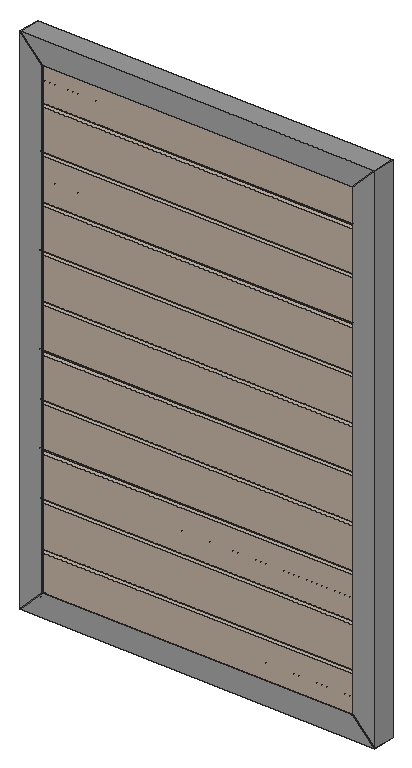
Revit family "Screening-Louver-Assembly-Panel-Palmshield-Augustus-Aluminum", category Specialty Equipment, Revit 2020
Family settings
  Round Connector Dimension = Use Diameter
  Part Type = Normal
  OmniClass Number = 23.55.00.00
  OmniClass Title = Manufactured Structures
  Work Plane-Based = No
  Always vertical = No
  Cut with Voids When Loaded = No
  Shared = No
  Room Calculation Point = No
Parameters (values of type "Assembly")
  Width [instance] = if(Desired Overall Width < C Min Width, C Min Width, if(Desired Overall Width > C Max Width, C Max Width, Desired Overall Width))  # 4' - 0"
  Warranty URL = "https://palmshieldlouvers.com/wp-content/uploads/2020/01/PalmSHIELD-Warranty-NO-SIGN-LINE.pdf"
  Version = "2020 - v1.0a"  # constant formula
  URL = "https://palmshieldlouvers.com/"
  Product Page URL = "https://palmshieldlouvers.com/products/augustus-solid/"
  Product Documentation Link = "https://palmshieldlouvers.com/wp-content/uploads/2020/05/PalmSHIELD-Solid-Composite-Technical-Data-Sheet.pdf"
  Offset From Surface = 0' - 2"  # constant formula
  Model = "Augustus - Aluminum"  # constant formula
  Material = Metal - PalmSHIELD - Dusty Grey
  Manufacturer Phone Number = "531-329-4406 "  # constant formula
  Manufacturer Email = "mailto: info@palmshieldlouvers.com"
  Manufacturer Address = "12330 Cary Circle, La Vista, NE 68128"  # constant formula
  Manufacturer = "PalmSHIELD"  # constant formula
  Louver Finish = Metal - PalmSHIELD - Grey Beige
  Keynote = "05 10 00"
  Instruction Sheet Link = "https://palmshieldlouvers.com/wp-content/uploads/2020/01/PalmSHIELD-Post-Panel-Gate-Installation-Instructions-REV-1.pdf"
  ID [instance] = "Not Assigned"
  Height [instance] = if(Desired Overall Height < C Min Height, C Min Height, if(Desired Overall Height > C Max Height, C Max Height, Desired Overall Height))  # 6' - 0"
  Desired Overall Width [instance] = 4' - 0"
  Desired Overall Height [instance] = 6' - 0"
  Desired Bottom Angle [instance] = 0.00°
  Description = "Augustus - Aluminum - Panel Assembly"  # constant formula
  Default Elevation = 0' - 0"
  Copyright = "Copyright ©2024 The American Fence Company and PalmSHIELD. All Rights Reserved."  # constant formula
  Component Vis [instance] = yes
  Component Name [instance] = "Augustus - Aluminum - Panel Assembly"  # constant formula
  C Min Width [instance] = 4' - 0"  # constant formula
  C Min Height [instance] = C Min Width  # 4' - 0"
  C Max Width [instance] = 6' - 0"  # constant formula
  C Max Height [instance] = 8' - 0"  # constant formula
  C Angle [instance] = if(Desired Bottom Angle > 10.00°, 10.00°, if(Desired Bottom Angle < -10.00°, -10.00°, Desired Bottom Angle))  # 0.00°
  Assembly Code = "F1020100"
Reference planes (in)
  plane 1 "Center (Front/Back)": y = 0
  plane 2: z = 0
  plane 3 "Center (Left/Right)": x = 0
  plane 4: z = 72
  plane 5: x = 48
  plane 6: y = 3
  plane 7: y = 1.5
Lines and regions (in)
  reference lines
    curve 1: line (48, 0, 96.95698) -> (48, 0, -11)
    curve 2: line (-20.8931, 0, 72) -> (71.1069, 0, 72)
Dimensions and locks (in)
  "Desired Overall Height": curve 2 to level
  "Desired Overall Width": curve 1 to plane 3 "Center (Left/Right)"
  "Height": plane 4 to level
  "Width": plane 5 to plane 3 "Center (Left/Right)"
  equal spacing: plane 1 "Center (Front/Back)", plane 7, plane 6
  aligned and locked: plane 2 to level
Automatic sketch dimensions
  curve 2 to plane 3 "Center (Left/Right)" = 1' - 8.8931"
  plane 5 to curve 2 = 1' - 11.1069"
  curve 1 to level = 0' - 11"
  plane 4 to curve 1 = 2' - 0.95698"
Nested families (in)
  nested 1: "Screening-Louver-Assembly-Panel-Palmshield-Augustus-Aluminum" at (0, 0, 0), Desired Overall Height <- "Desired Overall Height", Desired Overall Width <- "Desired Overall Width", ID <- "ID", Height <- "Height", Width <- "Width", Component Vis <- "Component Vis", type "Assembly"
    with Width 4' - 0", Louver Length 3' - 7", ID "Not Assigned", Height 6' - 0", Desired Overall Width 4' - 0", Desired Overall Height 6' - 0", Desired Bottom Angle 0.00°, Component Vis yes, Component Name "Augustus - Aluminum - Panel Assembly", C Top Post Length 4' - 0", C Straight Corner Angle 45.00°, C Slope Angle Neg 0.00°, C Slope Angle 0.00°, C Side Frame Width 0' - 3", C Side Adjustment 0' - 0", C Rib Thickness Bottom Offset 0' - 0 1/4", C Rib Bottom Side Offset 0' - 0", C Louver Offset 0' - 2", C Louver Count 11, C Infill Angle Width Right 0' - 0", C Infill Angle Width Left 0' - 1", C Infill Angle Offset 0' - 0 1/4", C Hip 4' - 0", C Frame Offset 0' - 2 1/2", C Corner Offset 0' - 0", C B-Side Post Length 6' - 0", C B-Side Angle 45.00°, C Angle 90.00°, C A-Side Post Length 6' - 0", C A-Side Angle 45.00°
  nested 2: "Nested-L_Frame-Palmshield-Augustus" at (0, 0, 72) x (0, 1, 0) z (1, 0, 0), type "ALUM L 3" X 3" X 1/4""
    with Material Metal - PalmSHIELD - Dusty Grey, Length 5' - 10", ID "Not Assigned", Component Name "Augustus - Aluminum - L Frame", B-Side Cut Angle 45.00°, A-Side Cut Angle 45.00°
  nested 3: "Nested-L_Frame-Palmshield-Augustus" at (48, 0, 2) x (0, 1, 0) z (-1, 0, 0), type "ALUM L 3" X 3" X 1/4""
    with Material Metal - PalmSHIELD - Dusty Grey, Length 5' - 10", ID "Not Assigned", Component Name "Augustus - Aluminum - L Frame", B-Side Cut Angle 45.00°, A-Side Cut Angle 45.00°
  nested 4: "Nested-L_Frame-Palmshield-Augustus" at (48, 0, 72) x (0, 1, 0) z (0, 0, -1), type "ALUM L 3" X 3" X 1/4""
    with Material Metal - PalmSHIELD - Dusty Grey, Length 4' - 0", ID "Not Assigned", Component Name "Augustus - Aluminum - L Frame", B-Side Cut Angle 45.00°, A-Side Cut Angle 45.00°
  nested 5: "Nested-L_Frame-Palmshield-Augustus" at (0, 0, 2) x (0, 1, 0) z (0, 0, 1), type "ALUM L 3" X 3" X 1/4""
    with Material Metal - PalmSHIELD - Dusty Grey, Length 4' - 0", ID "Not Assigned", Component Name "Augustus - Aluminum - L Frame", B-Side Cut Angle 45.00°, A-Side Cut Angle 45.00°
  nested 6: "Nested-Louvers-Palmshield-Augustus-Aluminum" at (2.5, 1.188, 10.25) x (0, -1, 0) z (1, 0, 0), type "6" TONGUE AND GROOVE INFILL SLATS"
    with Material Metal - PalmSHIELD - Grey Beige, Length 3' - 7", ID "Not Assigned", Component Name "Augustus - Aluminum - Infill Slat"
  nested 7: "Nested-Louvers-Palmshield-Augustus-Aluminum" at (2.5, 1.188, 28.25) x (0, -1, 0) z (1, 0, 0), type "6" TONGUE AND GROOVE INFILL SLATS"
    with Material Metal - PalmSHIELD - Grey Beige, Length 3' - 7", ID "Not Assigned", Component Name "Augustus - Aluminum - Infill Slat"
  nested 8: "Nested-Louvers-Palmshield-Augustus-Aluminum" at (2.5, 1.188, 34.25) x (0, -1, 0) z (1, 0, 0), type "6" TONGUE AND GROOVE INFILL SLATS"
    with Material Metal - PalmSHIELD - Grey Beige, Length 3' - 7", ID "Not Assigned", Component Name "Augustus - Aluminum - Infill Slat"
  nested 9: "Nested-Louvers-Palmshield-Augustus-Aluminum" at (2.5, 1.188, 40.25) x (0, -1, 0) z (1, 0, 0), type "6" TONGUE AND GROOVE INFILL SLATS"
    with Material Metal - PalmSHIELD - Grey Beige, Length 3' - 7", ID "Not Assigned", Component Name "Augustus - Aluminum - Infill Slat"
  nested 10: "Nested-Louvers-Palmshield-Augustus-Aluminum" at (2.5, 1.188, 46.25) x (0, -1, 0) z (1, 0, 0), type "6" TONGUE AND GROOVE INFILL SLATS"
    with Material Metal - PalmSHIELD - Grey Beige, Length 3' - 7", ID "Not Assigned", Component Name "Augustus - Aluminum - Infill Slat"
  nested 11: "Nested-Louvers-Palmshield-Augustus-Aluminum" at (2.5, 1.188, 52.25) x (0, -1, 0) z (1, 0, 0), type "6" TONGUE AND GROOVE INFILL SLATS"
    with Material Metal - PalmSHIELD - Grey Beige, Length 3' - 7", ID "Not Assigned", Component Name "Augustus - Aluminum - Infill Slat"
  nested 12: "Nested-Louvers-Palmshield-Augustus-Aluminum" at (2.5, 1.188, 58.25) x (0, -1, 0) z (1, 0, 0), type "6" TONGUE AND GROOVE INFILL SLATS"
    with Material Metal - PalmSHIELD - Grey Beige, Length 3' - 7", ID "Not Assigned", Component Name "Augustus - Aluminum - Infill Slat"
  nested 13: "Nested-Louvers-Palmshield-Augustus-Aluminum" at (2.5, 1.188, 64.25) x (0, -1, 0) z (1, 0, 0), type "6" TONGUE AND GROOVE INFILL SLATS"
    with Material Metal - PalmSHIELD - Grey Beige, Length 3' - 7", ID "Not Assigned", Component Name "Augustus - Aluminum - Infill Slat"
  nested 14: "Nested-Louvers-Palmshield-Augustus-Aluminum" at (2.5, 1.188, 70.25) x (0, -1, 0) z (1, 0, 0), type "6" TONGUE AND GROOVE INFILL SLATS"
    with Material Metal - PalmSHIELD - Grey Beige, Length 3' - 7", ID "Not Assigned", Component Name "Augustus - Aluminum - Infill Slat"
  nested 15: "Nested-Louvers-Palmshield-Augustus-Aluminum" at (2.5, 1.188, 16.25) x (0, -1, 0) z (1, 0, 0), type "6" TONGUE AND GROOVE INFILL SLATS"
    with Material Metal - PalmSHIELD - Grey Beige, Length 3' - 7", ID "Not Assigned", Component Name "Augustus - Aluminum - Infill Slat"
  nested 16: "Nested-Louvers-Palmshield-Augustus-Aluminum" at (2.5, 1.188, 22.25) x (0, -1, 0) z (1, 0, 0), type "6" TONGUE AND GROOVE INFILL SLATS"
    with Material Metal - PalmSHIELD - Grey Beige, Length 3' - 7", ID "Not Assigned", Component Name "Augustus - Aluminum - Infill Slat"
Definition of nested family "Nested-L_Frame-Palmshield-Augustus"
  Parameters (values of type "ALUM L 3" X 3" X 1/4"")
    Width = 0' - 3"  # constant formula
    Warranty URL = "https://palmshieldlouvers.com/wp-content/uploads/2020/01/PalmSHIELD-Warranty-NO-SIGN-LINE.pdf"
    Version = "2020 - v1.0a"  # constant formula
    URL = "https://palmshieldlouvers.com/"
    Thickness = 0' - 0 1/4"  # constant formula
    Product Page URL = "https://palmshieldlouvers.com/products/semi-private-screening/"
    Product Documentation Link = "Contact Manufacturer for More Information"
    Model = "Augustus"  # constant formula
    Material [instance] = none
    Manufacturer Phone Number = "531-329-4406 "  # constant formula
    Manufacturer Fax Number = "Consult Manufacturer Website for More Information"  # constant formula
    Manufacturer Email = "mailto: info@palmshieldlouvers.com"
    Manufacturer Address = "12330 Cary Circle, La Vista, NE 68128"  # constant formula
    Manufacturer = "PalmSHIELD"  # constant formula
    Length [instance] = 4' - 4.86713"
    Keynote = "05 10 00"
    Instruction Sheet Link = "Contact Manufacturer for More Information"
    ID [instance] = ""
    Description = "Augustus - L Frame"  # constant formula
    Default Elevation = 4' - 0"
    Copyright = "Copyright ©2024 The American Fence Company and PalmSHIELD. All Rights Reserved."  # constant formula
    Component Name [instance] = "Augustus - Aluminum - L Frame"  # constant formula
    C Hole Offset = 0' - 1 1/2"  # constant formula
    B-Side Cut Angle [instance] = 45.00°
    Assembly Code = "F1020100"
    A-Side Cut Angle [instance] = 45.00°
  Reference planes (in)
    plane 1 "Center (Front/Back)": y = 0
    plane 2: z = 0
    plane 3 "Center (Left/Right)": x = 0
    plane 4: x = 3
    plane 5: y = -52.86713
    plane 6: z = 3
  Forms (in)
    Extrusion 1, solid
      sketch origin (0, 0, 0) x (1, 0, 0) y (0, 1, 0)
        loop
          line (-48, 48) -> (-48, -48) -> (48, -48) -> (48, 48) -> (-48, 48)
      from 0 to -12
    Sweep 2, solid, material <- "Material"
      path origin (0, 0, 0) x (0, 1, 0) y (0, 0, 1)
        loop
          line (0, 0) -> (-52.86713, 0)
      profile "Profile-Palmshield-L : AL L3" X 3" X 1/4" - 6061-T6" origin (0, -26.43357, 0) x (0, 0, -1) y (1, 0, 0)
        loop
          line (-0.3125, 0.25) -> (-2.875, 0.25)
          arc (-2.875, 0.25) -> (-2.96339, 0.21339) -> (-3, 0.125) r 0.125
          line (-3, 0.125) -> (-3, 0) -> (0, 0) -> (0, 3) -> (-0.125, 3)
          arc (-0.125, 3) -> (-0.21339, 2.96339) -> (-0.25, 2.875) r 0.125
          line (-0.25, 2.875) -> (-0.25, 0.3125)
          arc (-0.25, 0.3125) -> (-0.26831, 0.26831) -> (-0.3125, 0.25) r 0.0625
    Extrusion 3, void
      sketch origin (0, 0, 0) x (0, 1, 0) y (0, 0, 1)
        loop
          line (-3, 3) -> (0, 0) -> (4.7449, 0) -> (4.7449, 3) -> (-3, 3)
        loop
          line (-57.61203, 3) -> (-57.61203, 0) -> (-52.86713, 0) -> (-49.86713, 3) -> (-57.61203, 3)
      from 0 to 3
  Cuts and joins
    Extrusion 3 cuts Sweep 2
  Dimensions and locks (in)
    "Width": plane 3 "Center (Left/Right)" to plane 4
    "Length": plane 1 "Center (Front/Back)" to plane 5
    "Width": plane 6 to plane 2
    locked: Extrusion 3 sketch curve to plane 1 "Center (Front/Back)" at 4.7449
    locked: plane 5 to Extrusion 3 sketch curve at 4.7449
    "B-Side Cut Angle": angle Extrusion 3 sketch curve to plane 1 "Center (Front/Back)"
    "A-Side Cut Angle": angle plane 5 to Extrusion 3 sketch curve
    aligned and locked: plane 2 to Extrusion 1
    aligned and locked: level to Extrusion 1
    aligned and locked: plane 1 "Center (Front/Back)" to Sweep 2 sketch curve
    aligned and locked: plane 5 to Sweep 2 sketch curve
    aligned and locked: Extrusion 3 sketch curve to plane 6
    aligned and locked: level to Extrusion 3 sketch curve
    aligned and locked: plane 6 to Extrusion 3 sketch curve
    aligned and locked: Extrusion 3 sketch curve to plane 2
    aligned and locked: plane 1 "Center (Front/Back)" to Extrusion 3 sketch curve
    aligned and locked: plane 2 to Extrusion 3 sketch curve
    aligned and locked: plane 5 to Extrusion 3 sketch curve
    aligned and locked: Extrusion 3 to plane 3 "Center (Left/Right)"
    aligned and locked: Extrusion 3 to plane 4
  Automatic sketch dimensions
    Extrusion 1 sketch curve to Extrusion 1 sketch curve = 8' - 0"  (x2)
    Sweep 2 sketch curve to level = 0' - 0"
Definition of nested family "Nested-Louvers-Palmshield-Augustus-Aluminum"
  Parameters (values of type "6" TONGUE AND GROOVE INFILL SLATS")
    Width = 0' - 6 1/2"  # constant formula
    Warranty URL = "https://palmshieldlouvers.com/wp-content/uploads/2020/01/PalmSHIELD-Warranty-NO-SIGN-LINE.pdf"
    Version = "2020 - v1.0a"  # constant formula
    URL = "https://palmshieldlouvers.com/"
    Thickness = 0' - 0 15/16"  # constant formula
    Product Page URL = "Contact Manufacturer for More Information"
    Product Documentation Link = "Contact Manufacturer for More Information"
    Model = "Augustus - Vinyl"  # constant formula
    Material [instance] = none
    Manufacturer Phone Number = "531-329-4406 "  # constant formula
    Manufacturer Fax Number = "Consult Manufacturer Website for More Information"  # constant formula
    Manufacturer Email = "mailto: info@palmshieldlouvers.com"
    Manufacturer Address = "12330 Cary Circle, La Vista, NE 68128"  # constant formula
    Manufacturer = "PalmSHIELD"  # constant formula
    Length [instance] = 4' - 4.86713"
    Keynote = "05 10 00"
    ID [instance] = ""
    Description = "Augustus - Aluminum - Infill Slat"  # constant formula
    Default Elevation = 4' - 0"
    Copyright = "©2023 The American Fence Company and PalmSHIELD. All Rights Reserved."  # constant formula
    Component Name [instance] = "Augustus - Aluminum - Infill Slat"  # constant formula
    Assembly Code = "F1020100"
  Reference planes (in)
    plane 1 "Center (Front/Back)": y = 0
    plane 2: z = 0
    plane 3 "Center (Left/Right)": x = 0
    plane 4: z = 52.86713
    plane 5: y = 6.5
  Forms (in)
    Extrusion 1, solid
      sketch origin (0, 0, 0) x (1, 0, 0) y (0, 1, 0)
        loop
          line (-48, 48) -> (-48, -48) -> (48, -48) -> (48, 48) -> (-48, 48)
      from 0 to -12
    Sweep 2, solid, material <- "Material"
      path origin (0, 0, 0) x (0, 1, 0) y (0, 0, 1)
        loop
          line (0, 0) -> (0, 52.86713)
      profile "Profile-Palmshield-Louver : LOUVERS TYP. - 6063-T6" origin (0, 0, 26.43357) x (0, -1, 0) y (1, 0, 0)
        loop
          line (-3.28125, 0.8755) -> (-5.97411, 0.8755) -> (-6.1875, 0.66211) -> (-6.1875, 0.5315) -> (-5.9375, 0.5315) -> (-5.9375, 0.2815) -> (-6.19311, 0.2815) -> (-5.97411, 0.0625) -> (-3.28125, 0.0625) -> (-3.28125, 0.8755)
        loop
          line (-0.5625, 0.6565) -> (-0.30689, 0.6565) -> (-0.52589, 0.8755) -> (-3.21875, 0.8755) -> (-3.21875, 0.0625) -> (-0.52589, 0.0625) -> (-0.3125, 0.27589) -> (-0.3125, 0.4065) -> (-0.5625, 0.4065) -> (-0.5625, 0.6565)
        loop
          line (-6.25, 0.25) -> (-6, 0) -> (-3.25, 0) -> (-0.5, 0) -> (-0.25, 0.25) -> (-0.25, 0.344) -> (0, 0.344) -> (0, 0.469) -> (-0.5, 0.469) -> (-0.5, 0.594) -> (-0.25, 0.594) -> (-0.25, 0.688) -> (-0.5, 0.938) -> (-3.25, 0.938) -> (-6, 0.938) -> (-6.25, 0.688) -> (-6.25, 0.594) -> (-6.5, 0.594) -> (-6.5, 0.469) -> (-6, 0.469) -> (-6, 0.344) -> (-6.25, 0.344) -> (-6.25, 0.25)
  Dimensions and locks (in)
    "Length": plane 4 to plane 2
    "Width": plane 5 to plane 1 "Center (Front/Back)"
    aligned and locked: plane 2 to Extrusion 1
    aligned and locked: level to Extrusion 1
    aligned and locked: plane 1 "Center (Front/Back)" to Sweep 2 sketch curve
    aligned and locked: plane 4 to Sweep 2 sketch curve
  Automatic sketch dimensions
    Extrusion 1 sketch curve to Extrusion 1 sketch curve = 8' - 0"  (x2)
    Sweep 2 sketch curve to level = 0' - 0"
Definition of nested family "Screening-Louver-Assembly-Panel-Palmshield-Augustus-Aluminum"
  Parameters (values of type "Assembly")
    Width [instance] = if(Desired Overall Width < 3' 0", 3' 0", if(Desired Overall Width > 6' 0", 6' 0", Desired Overall Width))  # 4' - 0"
    Warranty URL = "https://palmshieldlouvers.com/wp-content/uploads/2020/01/PalmSHIELD-Warranty-NO-SIGN-LINE.pdf"
    Version = "2020 - v1.0a"  # constant formula
    URL = "https://palmshieldlouvers.com/"
    Offset From Surface = 0' - 2"  # constant formula
    Material = none
    Louver Separation = 0' - 0"  # constant formula
    Product Page URL = "https://palmshieldlouvers.com/products/augustus-solid/"
    Product Documentation Link = "https://palmshieldlouvers.com/wp-content/uploads/2020/05/PalmSHIELD-Solid-Composite-Technical-Data-Sheet.pdf"
    Model = "Augustus - Aluminum - Post Assembly"  # constant formula
    Manufacturer Phone Number = "531-329-4406 "  # constant formula
    Manufacturer Fax Number = "Consult Manufacturer Website for More Information"  # constant formula
    Manufacturer Email = "mailto: info@palmshieldlouvers.com"
    Manufacturer Address = "12330 Cary Circle, La Vista, NE 68128"  # constant formula
    Manufacturer = "PalmSHIELD"  # constant formula
    Louver Length [instance] = Width - 2 * C Frame Offset  # 3' - 7"
    Louver Finish = none
    Keynote = "05 10 00"
    Instruction Sheet Link = "https://palmshieldlouvers.com/wp-content/uploads/2020/01/PalmSHIELD-Post-Panel-Gate-Installation-Instructions-REV-1.pdf"
    ID [instance] = "Not Assigned"
    Height [instance] = if(Desired Overall Height < 3' 0", 3' 0", if(Desired Overall Height > 8' 0", 8' 0", Desired Overall Height))  # 6' - 7 3/16"
    Frame Width = 0' - 3"  # constant formula
    Frame Thickness = 0' - 0 1/4"  # constant formula
    Desired Overall Width [instance] = 4' - 0"
    Desired Overall Height [instance] = 6' - 7 3/16"
    Description = "Augustus - Aluminum - Panel Assembly"  # constant formula
    Default Elevation = 0' - 0"
    Copyright = "Copyright ©2024 The American Fence Company and PalmSHIELD. All Rights Reserved."  # constant formula
    Component Vis [instance] = yes
    Component Name [instance] = "Augustus - Aluminum - Panel Assembly"  # constant formula
    C Top Post Length [instance] = Width  # 4' - 0"
    C Straight Corner Angle [instance] = 45.00°  # constant formula
    C Slope Angle Neg [instance] = -1 * C Slope Angle  # 0.00°
    C Slope Angle [instance] = if(Desired Bottom Angle < -25.00°, 25.00°, if(Desired Bottom Angle > 25.00°, 25.00°, Desired Bottom Angle))  # 0.00°
    C Side Frame Width [instance] = Frame Width  # 0' - 3"
    C Rib Thickness Bottom Offset [instance] = Frame Thickness * cos(C Slope Angle)  # 0' - 0 1/4"
    C Rib Bottom Side Offset [instance] = if(C Slope Angle < 0.00°, -Frame Thickness * sin(C Slope Angle), Frame Thickness * sin(C Slope Angle))  # 0' - 0"
    C Louver Separation = 0' - 1 1/2"  # constant formula
    C Louver Overlap = 0' - 0 1/2"  # constant formula
    C Louver Offset [instance] = if(C Slope Angle > 0.00°, C Louver Overlap, (Height - Offset From Surface - (C Louver Count * C Louver Height)) / 2)  # 0' - 2 19/32"
    C Louver Height = 0' - 6"  # constant formula
    C Louver Count [instance] = if(C Slope Angle > 0.00°, rounddown((Height - Offset From Surface - 2 * C Louver Overlap - C Corner Offset) / (C Louver Height)), rounddown((Height - Offset From Surface - 2 * C Louver Overlap) / (C Louver Height)))  # 12
    C Infill Retainer Back Offset = 0' - 1 3/8"  # constant formula
    C Infill Angle Width Right [instance] = if(C Slope Angle > 0.00°, C Infill Angle Width, 0' 0")  # 0' - 0"
    C Infill Angle Width Left [instance] = if(C Infill Angle Width Right = 0' 0", C Infill Angle Width, 0' 0")  # 0' - 1"
    C Infill Angle Width = 0' - 1"  # constant formula
    C Infill Angle Offset Side = Frame Thickness  # 0' - 0 1/4"
    C Infill Angle Offset [instance] = (Frame Thickness * sin(C Slope Angle) * tan(C Slope Angle)) + (Frame Thickness * cos(C Slope Angle))  # 0' - 0 1/4"
    C Hip [instance] = Width / cos(C Slope Angle)  # 4' - 0"
    C Side Adjustment [instance] = -C Hip * sin(C Slope Angle)  # 0' - 0"
    C Frame Offset [instance] = C Side Frame Width - 0' 0 1/2"  # 0' - 2 1/2"
    C Corner Offset [instance] = if(C Slope Angle > 0.00°, (Width / cos(C Slope Angle)) * sin(C Slope Angle), 0' 0")  # 0' - 0"
    C B-Side Post Length [instance] = Height + C Side Adjustment  # 6' - 7 3/16"
    C B-Side Angle [instance] = (90.00° - C Slope Angle) / 2  # 45.00°
    C Angle [instance] = if(C Slope Angle < -25.00°, 90.00° - 25.00°, if(C Slope Angle > 25.00°, 90.00° + 25.00°, 90.00° - C Slope Angle))  # 90.00°
    Desired Bottom Angle [instance] = 0.00°
    C A-Side Post Length [instance] = Height  # 6' - 7 3/16"
    C A-Side Angle [instance] = (90.00° + C Slope Angle) / 2  # 45.00°
    Assembly Code = "F1020100"
  Reference planes (in)
    plane 1 "Center (Front/Back)": y = 0
    plane 2: z = 0
    plane 3 "Center (Left/Right)": x = 0
    plane 4 "Top": z = 79.1875
    plane 5 "Side B": x = 48
    plane 6: z = 2
    plane 7: x = 0.25
    plane 8: x = 47.75
    plane 9: y = 0.25
    plane 10: y = 3
    plane 11: z = 78.9375
    plane 12: z = 2.25
    plane 13: x = 0
    plane 14: x = 2.5
    plane 15: x = 45.5
    plane 16: x = 0.25
    plane 17: x = 47.75
    plane 18: x = 47.75
    plane 19: x = 1.25
    plane 20: y = 1.625
    plane 21: z = 2
    plane 22: z = 4.59375
    plane 23: z = 76.59375
    plane 24: z = 70.59375
  Forms (in)
    Extrusion 1, solid
      sketch origin (0, 0, 0) x (1, 0, 0) y (0, 1, 0)
        loop
          line (-48, 48) -> (-48, -48) -> (88.86286, -48) -> (88.86286, 48) -> (-48, 48)
      from 0 to -12
  Lines and regions (in)
    reference lines
      curve 1: line (0, 0, 2) -> (84, 0, 2)
      curve 2: line (-20.50465, 0, 0.08297) -> (48, 0, 0.08297)
      curve 3: line (-35.89001, 0, 79.1875) -> (82.91871, 0, 79.1875)
      curve 4: line (48, 0, 95.71526) -> (48, 0, 1.9497)
      curve 5: line (47.75, 0, 2) -> (45.38409, 0, 2)
      curve 6: line (47.75, 0, 2.25) -> (45.38409, 0, 2.25)
      curve 7: line (45.38409, 0, 2) -> (45.38409, 0, 2.25)
      curve 8: line (1.25, 0, 2) -> (-0.33727, 0, 2)
      curve 9: line (1.25, 0, 2.25) -> (-0.33727, 0, 2.25)
      curve 10: line (-0.33727, 0, 2.25) -> (-0.33727, 0, 2)
      curve 11: line (48, 0, 2) -> (46, 0, 2)
  Dimensions and locks (in)
    "Width": plane 5 "Side B" to plane 3 "Center (Left/Right)"
    "Offset From Surface": plane 6 to Extrusion 1
    "Frame Thickness": plane 7 to plane 3 "Center (Left/Right)"
    "Frame Thickness": plane 5 "Side B" to plane 8
    "Frame Thickness": plane 9 to plane 1 "Center (Front/Back)"
    plane 3 "Center (Left/Right)" to plane 5 "Side B" = 4' - 0"
    "Frame Thickness": plane 4 "Top" to plane 11
    "C Rib Thickness Bottom Offset": plane 12 to plane 6
    "C Rib Bottom Side Offset": plane 3 "Center (Left/Right)" to plane 13
    "Desired Overall Width": curve 4 to plane 3 "Center (Left/Right)"
    "C Frame Offset": plane 14 to plane 3 "Center (Left/Right)"
    equal spacing: curve 4, plane 15, plane 14
    "C Frame Offset": plane 5 "Side B" to plane 15
    "C Infill Angle Offset Side": plane 16 to plane 3 "Center (Left/Right)"
    "C Infill Angle Offset Side": plane 5 "Side B" to plane 17
    "C Infill Angle Offset": curve 6 to curve 5
    "C Infill Angle Width Right": plane 17 to plane 18
    locked: plane 18 to curve 7 at 2.36591
    "Frame Width": plane 10 to plane 1 "Center (Front/Back)"
    "C Infill Angle Width Left": plane 19 to plane 16
    "C Infill Angle Offset": curve 9 to curve 8
    "C Infill Retainer Back Offset": plane 10 to plane 20
    "C Corner Offset": plane 21 to plane 6
    "C Louver Offset": plane 22 to plane 21
    "C Louver Offset": plane 4 "Top" to plane 23
    locked: plane 16 to curve 10 at 0.58727
    "C Louver Height": plane 23 to plane 24
    equal spacing: group 1, group 2, group 3, group 4, group 5, group 6, group 7, group 8, group 9, group 10, group 11, group 12  (x2)
    equal spacing: group 12, group 11, group 10, group 9, group 8, group 7, group 6, group 5, group 4, group 3, group 2, group 1
    locked: plane 5 "Side B" to curve 11 at 2
    "Desired Overall Height": curve 3 to plane 2
    "Height": plane 4 "Top" to plane 2
    "C Angle": angle curve 1 to plane 3 "Center (Left/Right)"
    locked: plane 18 to curve 5 (angle 90.00°)
    locked: plane 5 "Side B" to curve 11 (angle 90.00°)
    aligned and locked: Extrusion 1 to plane 2
    aligned and locked: Extrusion 1 to level
    aligned and locked: plane 6 to curve 1
    aligned and locked: plane 3 "Center (Left/Right)" to curve 1
    aligned and locked: nested 1 to plane 1 "Center (Front/Back)"
    aligned and locked: nested 1 to plane 5 "Side B"
    aligned and locked: nested 1 to plane 3 "Center (Left/Right)"
    aligned and locked: nested 2 to plane 4 "Top"
    aligned and locked: nested 2 to plane 6
    aligned and locked: nested 2 to plane 1 "Center (Front/Back)"
    aligned and locked: plane 4 "Top" to nested 3
    aligned and locked: nested 3 to plane 1 "Center (Front/Back)"
    aligned and locked: nested 4 to plane 1 "Center (Front/Back)"
    aligned and locked: plane 18 to curve 5
    aligned and locked: plane 18 to curve 6
    aligned and locked: plane 19 to curve 8
    aligned and locked: plane 19 to curve 9
    aligned and locked: plane 23 to nested 5
    aligned and locked: plane 24 to nested 6
    aligned and locked: plane 5 "Side B" to curve 11
    aligned and locked: nested 3 to curve 11
    aligned and locked: plane 9 to nested 5
    aligned and locked: plane 9 to nested 6
  Automatic sketch dimensions
    Extrusion 1 sketch curve to Extrusion 1 sketch curve = 11' - 4.86286"
    Extrusion 1 sketch curve to Extrusion 1 sketch curve = 8' - 0"
    level to curve 2 = 0' - 0.08297"
    curve 2 to curve 8 = 1' - 8.16738"
    curve 3 to plane 3 "Center (Left/Right)" = 2' - 11.89001"
    plane 5 "Side B" to curve 3 = 2' - 10.91871"
    curve 4 to plane 6 = 0' - 0.0503"
    plane 4 "Top" to curve 4 = 1' - 4.52776"
  Nested families (in)
    nested 1: "Nested-L_Frame-Palmshield-Augustus" at (48, 0, 79.1875) x (0, 1, 0) z (0, 0, -1), ID <- "ID", Material <- "Material", A-Side Cut Angle <- "C Straight Corner Angle", B-Side Cut Angle <- "C Straight Corner Angle", visible <- "Component Vis", type "ALUM L 3" X 3" X 1/4""
      with Material none, Length 4' - 0", ID "Not Assigned", Component Name "Augustus - Aluminum - L Frame", B-Side Cut Angle 45.00°, A-Side Cut Angle 45.00°
    nested 2: "Nested-L_Frame-Palmshield-Augustus" at (0, 0, 79.1875) x (0, 1, 0) z (1, 0, 0), ID <- "ID", Material <- "Material", B-Side Cut Angle <- "C Straight Corner Angle", A-Side Cut Angle <- "C A-Side Angle", visible <- "Component Vis", type "ALUM L 3" X 3" X 1/4""
      with Material none, Length 6' - 5 3/16", ID "Not Assigned", Component Name "Augustus - Aluminum - L Frame", B-Side Cut Angle 45.00°, A-Side Cut Angle 45.00°
    nested 3: "Nested-L_Frame-Palmshield-Augustus" at (48, 0, 2) x (0, 1, 0) z (-1, 0, 0), ID <- "ID", Material <- "Material", B-Side Cut Angle <- "C B-Side Angle", A-Side Cut Angle <- "C Straight Corner Angle", visible <- "Component Vis", type "ALUM L 3" X 3" X 1/4""
      with Material none, Length 6' - 5 3/16", ID "Not Assigned", Component Name "Augustus - Aluminum - L Frame", B-Side Cut Angle 45.00°, A-Side Cut Angle 45.00°
    nested 4: "Nested-L_Frame-Palmshield-Augustus" at (0, 0, 2) x (0, 1, 0) z (0, 0, 1), Length <- "C Hip", ID <- "ID", Material <- "Material", A-Side Cut Angle <- "C B-Side Angle", B-Side Cut Angle <- "C A-Side Angle", visible <- "Component Vis", type "ALUM L 3" X 3" X 1/4""
      with Material none, Length 4' - 0", ID "Not Assigned", Component Name "Augustus - Aluminum - L Frame", B-Side Cut Angle 45.00°, A-Side Cut Angle 45.00°
    nested 5: "Nested-Louvers-Palmshield-Augustus-Aluminum" at (2.5, 1.188, 76.84375) x (0, -1, 0) z (1, 0, 0), Length <- "Louver Length", ID <- "ID", Material <- "Louver Finish", visible <- "Component Vis", type "6" TONGUE AND GROOVE INFILL SLATS"
      with Material none, Length 3' - 7", ID "Not Assigned", Component Name "Augustus - Aluminum - Infill Slat"
    nested 6: "Nested-Louvers-Palmshield-Augustus-Aluminum" at (2.5, 1.188, 70.84375) x (0, -1, 0) z (1, 0, 0), Length <- "Louver Length", ID <- "ID", Material <- "Louver Finish", visible <- "Component Vis", type "6" TONGUE AND GROOVE INFILL SLATS"
      with Material none, Length 3' - 7", ID "Not Assigned", Component Name "Augustus - Aluminum - Infill Slat"
    nested 7: "Nested-Louvers-Palmshield-Augustus-Aluminum" at (2.5, 1.188, 64.84375) x (0, -1, 0) z (1, 0, 0), Length <- "Louver Length", ID <- "ID", Material <- "Louver Finish", visible <- "Component Vis", type "6" TONGUE AND GROOVE INFILL SLATS"
      with Material none, Length 3' - 7", ID "Not Assigned", Component Name "Augustus - Aluminum - Infill Slat"
    nested 8: "Nested-Louvers-Palmshield-Augustus-Aluminum" at (2.5, 1.188, 58.84375) x (0, -1, 0) z (1, 0, 0), Length <- "Louver Length", ID <- "ID", Material <- "Louver Finish", visible <- "Component Vis", type "6" TONGUE AND GROOVE INFILL SLATS"
      with Material none, Length 3' - 7", ID "Not Assigned", Component Name "Augustus - Aluminum - Infill Slat"
    nested 9: "Nested-Louvers-Palmshield-Augustus-Aluminum" at (2.5, 1.188, 52.84375) x (0, -1, 0) z (1, 0, 0), Length <- "Louver Length", ID <- "ID", Material <- "Louver Finish", visible <- "Component Vis", type "6" TONGUE AND GROOVE INFILL SLATS"
      with Material none, Length 3' - 7", ID "Not Assigned", Component Name "Augustus - Aluminum - Infill Slat"
    nested 10: "Nested-Louvers-Palmshield-Augustus-Aluminum" at (2.5, 1.188, 46.84375) x (0, -1, 0) z (1, 0, 0), Length <- "Louver Length", ID <- "ID", Material <- "Louver Finish", visible <- "Component Vis", type "6" TONGUE AND GROOVE INFILL SLATS"
      with Material none, Length 3' - 7", ID "Not Assigned", Component Name "Augustus - Aluminum - Infill Slat"
    nested 11: "Nested-Louvers-Palmshield-Augustus-Aluminum" at (2.5, 1.188, 40.84375) x (0, -1, 0) z (1, 0, 0), Length <- "Louver Length", ID <- "ID", Material <- "Louver Finish", visible <- "Component Vis", type "6" TONGUE AND GROOVE INFILL SLATS"
      with Material none, Length 3' - 7", ID "Not Assigned", Component Name "Augustus - Aluminum - Infill Slat"
    nested 12: "Nested-Louvers-Palmshield-Augustus-Aluminum" at (2.5, 1.188, 34.84375) x (0, -1, 0) z (1, 0, 0), Length <- "Louver Length", ID <- "ID", Material <- "Louver Finish", visible <- "Component Vis", type "6" TONGUE AND GROOVE INFILL SLATS"
      with Material none, Length 3' - 7", ID "Not Assigned", Component Name "Augustus - Aluminum - Infill Slat"
    nested 13: "Nested-Louvers-Palmshield-Augustus-Aluminum" at (2.5, 1.188, 28.84375) x (0, -1, 0) z (1, 0, 0), Length <- "Louver Length", ID <- "ID", Material <- "Louver Finish", visible <- "Component Vis", type "6" TONGUE AND GROOVE INFILL SLATS"
      with Material none, Length 3' - 7", ID "Not Assigned", Component Name "Augustus - Aluminum - Infill Slat"
    nested 14: "Nested-Louvers-Palmshield-Augustus-Aluminum" at (2.5, 1.188, 22.84375) x (0, -1, 0) z (1, 0, 0), Length <- "Louver Length", ID <- "ID", Material <- "Louver Finish", visible <- "Component Vis", type "6" TONGUE AND GROOVE INFILL SLATS"
      with Material none, Length 3' - 7", ID "Not Assigned", Component Name "Augustus - Aluminum - Infill Slat"
    nested 15: "Nested-Louvers-Palmshield-Augustus-Aluminum" at (2.5, 1.188, 16.84375) x (0, -1, 0) z (1, 0, 0), Length <- "Louver Length", ID <- "ID", Material <- "Louver Finish", visible <- "Component Vis", type "6" TONGUE AND GROOVE INFILL SLATS"
      with Material none, Length 3' - 7", ID "Not Assigned", Component Name "Augustus - Aluminum - Infill Slat"
    nested 16: "Nested-Louvers-Palmshield-Augustus-Aluminum" at (2.5, 1.188, 10.84375) x (0, -1, 0) z (1, 0, 0), Length <- "Louver Length", ID <- "ID", Material <- "Louver Finish", visible <- "Component Vis", type "6" TONGUE AND GROOVE INFILL SLATS"
      with Material none, Length 3' - 7", ID "Not Assigned", Component Name "Augustus - Aluminum - Infill Slat"
  Definition of nested family "Nested-L_Frame-Palmshield-Augustus"
    Parameters (values of type "ALUM L 3" X 3" X 1/4"")
      Width = 0' - 3"  # constant formula
      Warranty URL = "https://palmshieldlouvers.com/wp-content/uploads/2020/01/PalmSHIELD-Warranty-NO-SIGN-LINE.pdf"
      Version = "2020 - v1.0a"  # constant formula
      URL = "https://palmshieldlouvers.com/"
      Thickness = 0' - 0 1/4"  # constant formula
      Product Page URL = "https://palmshieldlouvers.com/products/semi-private-screening/"
      Product Documentation Link = "Contact Manufacturer for More Information"
      Model = "Augustus"  # constant formula
      Material [instance] = none
      Manufacturer Phone Number = "531-329-4406 "  # constant formula
      Manufacturer Fax Number = "Consult Manufacturer Website for More Information"  # constant formula
      Manufacturer Email = "mailto: info@palmshieldlouvers.com"
      Manufacturer Address = "12330 Cary Circle, La Vista, NE 68128"  # constant formula
      Manufacturer = "PalmSHIELD"  # constant formula
      Length [instance] = 4' - 4.86713"
      Keynote = "05 10 00"
      Instruction Sheet Link = "Contact Manufacturer for More Information"
      ID [instance] = ""
      Description = "Augustus - L Frame"  # constant formula
      Default Elevation = 4' - 0"
      Copyright = "Copyright ©2024 The American Fence Company and PalmSHIELD. All Rights Reserved."  # constant formula
      Component Name [instance] = "Augustus - Aluminum - L Frame"  # constant formula
      C Hole Offset = 0' - 1 1/2"  # constant formula
      B-Side Cut Angle [instance] = 45.00°
      Assembly Code = "F1020100"
      A-Side Cut Angle [instance] = 45.00°
    Reference planes (in)
      plane 1 "Center (Front/Back)": y = 0
      plane 2: z = 0
      plane 3 "Center (Left/Right)": x = 0
      plane 4: x = 3
      plane 5: y = -52.86713
      plane 6: z = 3
    Forms (in)
      Extrusion 1, solid
        sketch origin (0, 0, 0) x (1, 0, 0) y (0, 1, 0)
          loop
            line (-48, 48) -> (-48, -48) -> (48, -48) -> (48, 48) -> (-48, 48)
        from 0 to -12
      Sweep 2, solid, material <- "Material"
        path origin (0, 0, 0) x (0, 1, 0) y (0, 0, 1)
          loop
            line (0, 0) -> (-52.86713, 0)
        profile "Profile-Palmshield-L : AL L3" X 3" X 1/4" - 6061-T6" origin (0, -26.43357, 0) x (0, 0, -1) y (1, 0, 0)
          loop
            line (-0.3125, 0.25) -> (-2.875, 0.25)
            arc (-2.875, 0.25) -> (-2.96339, 0.21339) -> (-3, 0.125) r 0.125
            line (-3, 0.125) -> (-3, 0) -> (0, 0) -> (0, 3) -> (-0.125, 3)
            arc (-0.125, 3) -> (-0.21339, 2.96339) -> (-0.25, 2.875) r 0.125
            line (-0.25, 2.875) -> (-0.25, 0.3125)
            arc (-0.25, 0.3125) -> (-0.26831, 0.26831) -> (-0.3125, 0.25) r 0.0625
      Extrusion 3, void
        sketch origin (0, 0, 0) x (0, 1, 0) y (0, 0, 1)
          loop
            line (-3, 3) -> (0, 0) -> (4.7449, 0) -> (4.7449, 3) -> (-3, 3)
          loop
            line (-57.61203, 3) -> (-57.61203, 0) -> (-52.86713, 0) -> (-49.86713, 3) -> (-57.61203, 3)
        from 0 to 3
    Cuts and joins
      Extrusion 3 cuts Sweep 2
    Dimensions and locks (in)
      "Width": plane 3 "Center (Left/Right)" to plane 4
      "Length": plane 1 "Center (Front/Back)" to plane 5
      "Width": plane 6 to plane 2
      locked: Extrusion 3 sketch curve to plane 1 "Center (Front/Back)" at 4.7449
      locked: plane 5 to Extrusion 3 sketch curve at 4.7449
      "B-Side Cut Angle": angle Extrusion 3 sketch curve to plane 1 "Center (Front/Back)"
      "A-Side Cut Angle": angle plane 5 to Extrusion 3 sketch curve
      aligned and locked: plane 2 to Extrusion 1
      aligned and locked: level to Extrusion 1
      aligned and locked: plane 1 "Center (Front/Back)" to Sweep 2 sketch curve
      aligned and locked: plane 5 to Sweep 2 sketch curve
      aligned and locked: Extrusion 3 sketch curve to plane 6
      aligned and locked: level to Extrusion 3 sketch curve
      aligned and locked: plane 6 to Extrusion 3 sketch curve
      aligned and locked: Extrusion 3 sketch curve to plane 2
      aligned and locked: plane 1 "Center (Front/Back)" to Extrusion 3 sketch curve
      aligned and locked: plane 2 to Extrusion 3 sketch curve
      aligned and locked: plane 5 to Extrusion 3 sketch curve
      aligned and locked: Extrusion 3 to plane 3 "Center (Left/Right)"
      aligned and locked: Extrusion 3 to plane 4
    Automatic sketch dimensions
      Extrusion 1 sketch curve to Extrusion 1 sketch curve = 8' - 0"  (x2)
      Sweep 2 sketch curve to level = 0' - 0"
  Definition of nested family "Nested-Louvers-Palmshield-Augustus-Aluminum"
    Parameters (values of type "6" TONGUE AND GROOVE INFILL SLATS")
      Width = 0' - 6 1/2"  # constant formula
      Warranty URL = "https://palmshieldlouvers.com/wp-content/uploads/2020/01/PalmSHIELD-Warranty-NO-SIGN-LINE.pdf"
      Version = "2020 - v1.0a"  # constant formula
      URL = "https://palmshieldlouvers.com/"
      Thickness = 0' - 0 15/16"  # constant formula
      Product Page URL = "Contact Manufacturer for More Information"
      Product Documentation Link = "Contact Manufacturer for More Information"
      Model = "Augustus - Vinyl"  # constant formula
      Material [instance] = none
      Manufacturer Phone Number = "531-329-4406 "  # constant formula
      Manufacturer Fax Number = "Consult Manufacturer Website for More Information"  # constant formula
      Manufacturer Email = "mailto: info@palmshieldlouvers.com"
      Manufacturer Address = "12330 Cary Circle, La Vista, NE 68128"  # constant formula
      Manufacturer = "PalmSHIELD"  # constant formula
      Length [instance] = 4' - 4.86713"
      Keynote = "05 10 00"
      ID [instance] = ""
      Description = "Augustus - Aluminum - Infill Slat"  # constant formula
      Default Elevation = 4' - 0"
      Copyright = "©2023 The American Fence Company and PalmSHIELD. All Rights Reserved."  # constant formula
      Component Name [instance] = "Augustus - Aluminum - Infill Slat"  # constant formula
      Assembly Code = "F1020100"
    Reference planes (in)
      plane 1 "Center (Front/Back)": y = 0
      plane 2: z = 0
      plane 3 "Center (Left/Right)": x = 0
      plane 4: z = 52.86713
      plane 5: y = 6.5
    Forms (in)
      Extrusion 1, solid
        sketch origin (0, 0, 0) x (1, 0, 0) y (0, 1, 0)
          loop
            line (-48, 48) -> (-48, -48) -> (48, -48) -> (48, 48) -> (-48, 48)
        from 0 to -12
      Sweep 2, solid, material <- "Material"
        path origin (0, 0, 0) x (0, 1, 0) y (0, 0, 1)
          loop
            line (0, 0) -> (0, 52.86713)
        profile "Profile-Palmshield-Louver : LOUVERS TYP. - 6063-T6" origin (0, 0, 26.43357) x (0, -1, 0) y (1, 0, 0)
          loop
            line (-3.28125, 0.8755) -> (-5.97411, 0.8755) -> (-6.1875, 0.66211) -> (-6.1875, 0.5315) -> (-5.9375, 0.5315) -> (-5.9375, 0.2815) -> (-6.19311, 0.2815) -> (-5.97411, 0.0625) -> (-3.28125, 0.0625) -> (-3.28125, 0.8755)
          loop
            line (-0.5625, 0.6565) -> (-0.30689, 0.6565) -> (-0.52589, 0.8755) -> (-3.21875, 0.8755) -> (-3.21875, 0.0625) -> (-0.52589, 0.0625) -> (-0.3125, 0.27589) -> (-0.3125, 0.4065) -> (-0.5625, 0.4065) -> (-0.5625, 0.6565)
          loop
            line (-6.25, 0.25) -> (-6, 0) -> (-3.25, 0) -> (-0.5, 0) -> (-0.25, 0.25) -> (-0.25, 0.344) -> (0, 0.344) -> (0, 0.469) -> (-0.5, 0.469) -> (-0.5, 0.594) -> (-0.25, 0.594) -> (-0.25, 0.688) -> (-0.5, 0.938) -> (-3.25, 0.938) -> (-6, 0.938) -> (-6.25, 0.688) -> (-6.25, 0.594) -> (-6.5, 0.594) -> (-6.5, 0.469) -> (-6, 0.469) -> (-6, 0.344) -> (-6.25, 0.344) -> (-6.25, 0.25)
    Dimensions and locks (in)
      "Length": plane 4 to plane 2
      "Width": plane 5 to plane 1 "Center (Front/Back)"
      aligned and locked: plane 2 to Extrusion 1
      aligned and locked: level to Extrusion 1
      aligned and locked: plane 1 "Center (Front/Back)" to Sweep 2 sketch curve
      aligned and locked: plane 4 to Sweep 2 sketch curve
    Automatic sketch dimensions
      Extrusion 1 sketch curve to Extrusion 1 sketch curve = 8' - 0"  (x2)
      Sweep 2 sketch curve to level = 0' - 0"
